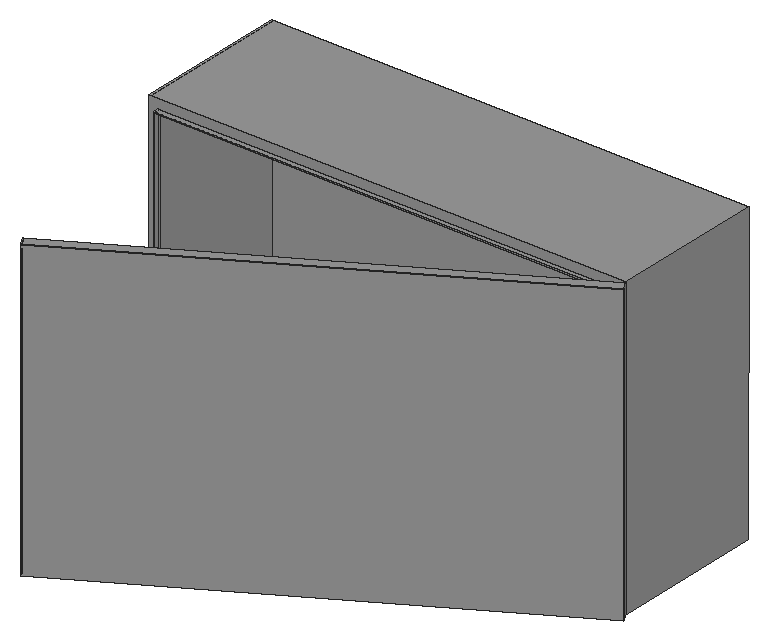
Revit family "Hager-Univers-IP55-D275-H500-Cl.II-Steel_encl-NoHosted-BE-en", category Equipement électrique, Revit 2020
Family settings
  Configuration du panneau = Deux colonnes, circuits au sein
  Cote de connecteur circulaire = Utiliser le diamètre
  Type d'élément = Tableau de raccordement
  Basée sur le plan de construction = Oui
  Toujours verticalement = Oui
  Couper avec des vides une fois chargée = Non
  Partagée = Non
  Point de calcul de pièce = Non
Parameters (values of type "Surface mounted (plaster) IP55 W800 H500 D275  - FR33S")
  Width Control [instance] = if([EF000008 - Width] > Min Width, [EF000008 - Width], Min Width)  # 800 mm
  Commentaires du type = [HG000003 - Range]  # "Univers"
  Thickness Door [instance] = if([EF009171 - Material plate thickness door/cover] > 3 mm, 3 mm, [EF009171 - Material plate thickness door/cover])  # 1.5 mm
  Seal Frame Offset [instance] = 17 mm  # constant formula
  Plinth Visibility [instance] = [HG000027 - Plinth height] > 0 mm  # no
  Min Width [instance] = 100 mm  # constant formula
  Min Depth [instance] = (2 * [EF009170 - Material plate thickness cabinet]) + 1 mm  # 4 mm
  Min Height [instance] = 100 mm  # constant formula
  Internal Frame Depth [instance] = (Door System Depth * 0.5)  # 9 mm
  Panel Name [instance] = ""  # (empty or 0)
  Model = ""
  HG000027 - Plinth height = 0 mm
  HG000026 - Floor standing = no
  HG000024 - Bottom section height = 600 mm
  HG000023 - Double section enclosure = no
  HG000016 - Door 3d visibility [instance] = yes
  HG000015 - Clearance visibility [instance] = no
  HG000014 - Door on the right [instance] = yes
  HG000013 - Door on the left [instance] = not([HG000014 - Door on the right])  # no
  HG000012 - Door swing angle [instance] = 30.00°
  HG000010 - Asymmetric doors = no
  HG000009 - Double swing door = no
  HG000006 - Flush mounted = no
  HG000004 - Manufacturer reference = "FR33S"
  HG000003 - Range = "Univers"
  HG000002 - With door or cover = yes
  Frame Offset Bottom [instance] = 10 mm  # constant formula
  Frame Offset [instance] = 15 mm  # constant formula
  EF015940 - Cover with overpressure release = no
  EF011959 - Degree of protection (NEMA) = ""
  EF009554 - Number of openings for flange plates = 6
  EF009212 - Cover model = "EV000116 - Closed"
  EF009171 - Material plate thickness door/cover = 1.5 mm
  EF009170 - Material plate thickness cabinet = 1.5 mm
  EF008873 - Nominal current (In) = 800 A
  EF007800 - Suitable for lightning protection = no
  EF006306 - With lock = no
  EF006244 - Transparent cover/door = no
  EF005474 - Degree of protection (IP) = "EV006420 - IP55"
  EF004464 - Type of door = "EV002646 - Single"
  EF004427 - Number of modules = 108
  EF004293 - Impact strength = "EV008784 - IK10"
  EF003532 - Suitable for outdoor use = no
  EF002950 - Width in number of modular spacings = 24
  EF001613 - Circuit integrity = "EV000494 - None"
  EF001596 - Material housing = "EV000179 - Steel"
  EF001131 - Internal depth = 275 mm
  EF001088 - Extension possible = yes
  EF000437 - Number of conduit inlets = 6
  EF000339 - Type of cover = "EV004216 - Door"
  EF000266 - Number of rows = 3
  EF000218 - Built-in depth = 0 mm
  EF000118 - With mounting plate = no
  EF000116 - RAL-number = "7035"
  EF000049 - Depth = 275 mm
  EF000040 - Height = 500 mm
  EF000008 - Width = 800 mm
  EF000007 - Colour = "EV000270 - Grey"
  EF000003 - Mounting method = "EV000384 - Surface mounted (plaster)"
  Door System Leaf Tolerance [instance] = 1.5 mm  # constant formula
  Door System Depth [instance] = 18 mm  # constant formula
  Door Height [instance] = Height Control - [HG000027 - Plinth height]  # 500 mm
  Description = ""
  Default Elevation = 1219.2 mm
  Connector Offset [instance] = Height Control / 2  # 250 mm
  Fabricant = "Hager"  # constant formula
  Height Control [instance] = if([EF000040 - Height] > Min Height, [EF000040 - Height], Min Height)  # 500 mm
  Depth Control [instance] = if([EF000049 - Depth] > Min Depth, [EF000049 - Depth], Min Depth)  # 275 mm
  Bottom Top Plate Trim [instance] = 1.5 mm  # constant formula
  Plinth height Ctrl [instance] = if([HG000027 - Plinth height] > 0 mm, [HG000027 - Plinth height], 12 mm)  # 12 mm
Types (5, lengths in mm): name | Width Control | HG000010 - Asymmetric doors | HG000009 - Double swing door | HG000004 - Manufacturer reference | EF009554 - Number of openings for flange plates | EF004464 - Type of door | EF004427 - Number of modules | EF000437 - Number of conduit inlets | EF000008 - Width
  Surface mounted (plaster) IP55 W1050 H500 D275  - FR34S | 1050 | no | yes | "FR34S" | 8 | "EV003602 - Double" | 144 | 8 | 1050
  Surface mounted (plaster) IP55 W1300 H500 D275  - FR35S | 1300 | yes | yes | "FR35S" | 10 | "EV003602 - Double" | 180 | 10 | 1300
  Surface mounted (plaster) IP55 W300 H500 D275  - FR31S | 300 | no | no | "FR31S" | 2 | "EV002646 - Single" | 36 | 2 | 300
  Surface mounted (plaster) IP55 W550 H500 D275  - FR32S | 550 | no | no | "FR32S" | 4 | "EV002646 - Single" | 72 | 4 | 550
  Surface mounted (plaster) IP55 W800 H500 D275  - FR33S | 800 | no | no | "FR33S" | 6 | "EV002646 - Single" | 108 | 6 | 800
Reference planes
  plane 1 "Center (Front/Back)": y = 0
  plane 2: z = 0
  plane 3 "Center (Left/Right)": x = 0
  plane 4: y = 0
  plane 5: y = 0
  plane 6: z = 0
  plane 7: x = -400
  plane 8: x = 400
  plane 9: x = 398.5
  plane 10: x = -398.5
  plane 11: z = 0
  plane 12: z = 1.5
  plane 13: y = -275
  plane 14: y = -1.5
  plane 15: x = 0
  plane 16: y = -257
  plane 17: y = -273.5
  plane 18: y = -255.5
  plane 19: x = -383.5
  plane 20: x = 383.5
  plane 21: z = 11.5
  plane 22: x = -383
  plane 23: x = 383
  plane 24: z = 0
  plane 25: z = 500
  plane 26: z = 500
  plane 27: z = 483.5
  plane 28: z = 498.5
Forms (mm)
  Extrusion 1, solid, material "Hager_Steel_RAL7035_Light_Grey", detail levels medium+fine
    sketch origin (-208.679, -4572, 0) x (-1, 0, 0) y (0, -1, 0)
      loop
        line (191.321, -4315) -> (-608.679, -4315) -> (-608.679, -4572) -> (191.321, -4572) -> (191.321, -4315)
    from 0 to 500
  Extrusion 2, void
    sketch origin (-350.771, -275, 1219.2) x (1, 0, 0) y (0, 0, 1)
      loop
        line (-47.729, -720.7) -> (-47.729, -1217.7) -> (749.271, -1217.7) -> (749.271, -720.7) -> (-47.729, -720.7)
    from -19.5 to -273.5
  Extrusion 3, void
    sketch origin (-290.084, -257, 1219.2) x (1, 0, 0) y (0, 0, 1)
      loop
        line (-93.416, -1207.7) -> (673.584, -1207.7) -> (673.584, -735.7) -> (-93.416, -735.7) -> (-93.416, -1207.7)
    from 0 to -1.5
  Extrusion 4, solid, material "Hager_Steel_RAL7035_Light_Grey", visible <- "Plinth Visibility", detail levels medium+fine
    sketch origin (0, 0, 0) x (1, 0, 0) y (0, 1, 0)
      loop
        line (-400, 0) -> (-400, -257) -> (400, -257) -> (400, 0) -> (-400, 0)
    from 0 to 12 <- "Plinth height Ctrl"
  Extrusion 5, solid, material "Hager_Steel_RAL7035_Light_Grey", detail levels coarse
    sketch origin (0, 0, 0) x (1, 0, 0) y (0, 1, 0)
      loop
        line (-400, 0) -> (-400, -275) -> (400, -275) -> (400, 0) -> (-400, 0)
    from 0 to 500 <- "Height Control"
  Sweep 6, void
    path in 3D
      loop
        line (-400, -257, 12) -> (400, -257, 12) -> (400, 0, 12) -> (-400, 0, 12) -> (-400, -257, 12)
    profile origin (-400, -128.5, 12) x (1, 0, 0) y (0, 0, 1)
      loop
        line (0, 0) -> (0, -1.5) -> (1.5, -1.5)
        arc (1.5, -1.5) -> (1.061, -0.439) -> (0, 0) r 1.5
  Extrusion 7, solid, material "Hager_Steel_RAL7035_Light_Grey", detail levels fine
    sketch origin (-400, -257, 0) x (1, 0, 0) y (0, 0, 1)
      loop
        line (16.5, 11.5) -> (783.5, 11.5) -> (783.5, 483.5) -> (16.5, 483.5) -> (16.5, 11.5)
      loop
        line (15, 10) -> (785, 10) -> (785, 485) -> (15, 485) -> (15, 10)
    from 0 to 9 <- "Internal Frame Depth"
Cuts and joins
  Extrusion 2, Extrusion 3 cuts Extrusion 1
  Sweep 6 cuts Extrusion 4
Lines and regions (mm)
  Masking region 1
    outline origin (0, 0, 0) x (1, 0, 0) y (0, 1, 0)
      loop
        line (-400, 0) -> (-400, -275) -> (400, -275) -> (400, 0) -> (-400, 0)
  Masking region 2, detail levels coarse
    outline origin (-290.084, -257, 1219.2) x (-1, 0, 0) y (0, 0, 1)
      loop
        line (-690.084, -1219.2) -> (109.916, -1219.2) -> (109.916, -719.2) -> (-690.084, -719.2) -> (-690.084, -1219.2)
  Masking region 3, detail levels coarse
    outline origin (0, 0, 0) x (0, 1, 0) y (0, 0, 1)
      loop
        line (0, 0) -> (0, 500) -> (-275, 500) -> (-275, 0) -> (0, 0)
  Masking region 4, visible <- "Plinth Visibility", detail levels medium+fine
    outline origin (0, 0, 0) x (0, 1, 0) y (0, 0, 1)
      loop
        line (-1.5, 12) -> (-255.5, 12)
        arc (-255.5, 12) -> (-255.939, 10.939) -> (-257, 10.5) r 1.5
        line (-257, 10.5) -> (-257, 0) -> (0, 0) -> (0, 10.5)
        arc (0, 10.5) -> (-1.061, 10.939) -> (-1.5, 12) r 1.5
  Masking region 5, detail levels medium+fine
    outline origin (0, 0, 594.038) x (0, 1, 0) y (0, 0, 1)
      loop
        line (0, -594.038) -> (0, -94.038) -> (-257, -94.038) -> (-257, -594.038) -> (0, -594.038)
  Masking region 6, detail levels medium+fine
    outline origin (-359.7, -257, 1211.883) x (-1, 0, 0) y (0, 0, 1)
      loop
        line (-759.7, -1211.883) -> (40.3, -1211.883) -> (40.3, -711.883) -> (-759.7, -711.883) -> (-759.7, -1211.883)
  Masking region 7, visible <- "Plinth Visibility", detail levels medium+fine
    outline origin (-320.334, -257, 1041.368) x (-1, 0, 0) y (0, 0, 1)
      loop
        line (-720.334, -1041.368) -> (79.666, -1041.368) -> (79.666, -1030.868)
        arc (79.666, -1030.868) -> (78.606, -1030.429) -> (78.166, -1029.368) r 1.5
        line (78.166, -1029.368) -> (-718.834, -1029.368)
        arc (-718.834, -1029.368) -> (-719.273, -1030.429) -> (-720.334, -1030.868) r 1.5
        line (-720.334, -1030.868) -> (-720.334, -1041.368)
  sketch lines
    curve 1: line (-400, 0, 12) -> (-400, -257, 12)
    curve 2: line (-400, -257, 12) -> (400, -257, 12)
    curve 3: line (400, 0, 12) -> (-400, 0, 12)
    curve 4: line (400, -257, 12) -> (400, 0, 12)
Dimensions and locks
  locked: plane 1 "Center (Front/Back)" to plane 5
  "EF009170 - Material plate thickness cabinet": plane 7 to plane 10
  "EF009170 - Material plate thickness cabinet": plane 8 to plane 9
  equal spacing: plane 7, plane 3 "Center (Left/Right)", plane 8
  "Width Control": plane 7 to plane 8
  "Depth Control": plane 4 to plane 13
  "EF009170 - Material plate thickness cabinet": plane 4 to plane 14
  "Height Control": plane 25 to level
  "HG000027 - Plinth height": plane 11 to level
  "EF009170 - Material plate thickness cabinet": plane 12 to plane 11
  "EF009170 - Material plate thickness cabinet": plane 17 to plane 13
  "EF009170 - Material plate thickness cabinet": plane 18 to plane 16
  "Frame Offset Bottom": plane 21 to plane 12
  "Frame Offset": plane 10 to plane 19
  "Frame Offset": plane 9 to plane 20
  "Door System Depth": plane 16 to plane 13
  "Seal Frame Offset": plane 7 to plane 22
  "Seal Frame Offset": plane 8 to plane 23
  "EF009170 - Material plate thickness cabinet": plane 26 to plane 28
  "Frame Offset": plane 28 to plane 27
  "Connector Offset": plane 2 to connector elem
  "Bottom Top Plate Trim": profile plane to Sweep 6 sketch curve
  "Bottom Top Plate Trim": Sweep 6 sketch curve to Sweep 6 sketch curve
  "Plinth height Ctrl": Masking region 4 sketch curve to level
  "Plinth height Ctrl": Masking region 7 sketch curve to level
  "Thickness Door": Extrusion 7 sketch curve to Extrusion 7 sketch curve  (x4)
  "Bottom Top Plate Trim": radius of Sweep 6 sketch curve
  "Bottom Top Plate Trim": radius of Masking region 4 sketch curve  (x2)
  "Bottom Top Plate Trim": radius of Masking region 7 sketch curve  (x2)
  aligned and locked: Extrusion 2 sketch curve to plane 12
  aligned and locked: Extrusion 2 sketch curve to plane 9
  aligned and locked: Extrusion 2 sketch curve to plane 10
  aligned and locked: Extrusion 2 to plane 14
  aligned and locked: Extrusion 1 sketch curve to plane 4
  aligned and locked: plane 8 to Extrusion 1 sketch curve
  aligned and locked: plane 7 to Extrusion 1 sketch curve
  aligned and locked: Extrusion 2 to plane 18
  aligned and locked: plane 19 to Extrusion 3 sketch curve
  aligned and locked: plane 20 to Extrusion 3 sketch curve
  aligned and locked: Extrusion 3 to Extrusion 2
  aligned and locked: Extrusion 3 sketch curve to plane 21
  aligned and locked: plane 3 "Center (Left/Right)" to nested 1
  aligned and locked: Extrusion 1 sketch curve to plane 16
  aligned and locked: Extrusion 4 sketch curve to cut or joined group of Extrusion 1, Extrusion 2, Extrusion 3
  aligned and locked: Masking region 1 sketch curve to plane 7
  aligned and locked: Masking region 1 sketch curve to plane 5
  aligned and locked: Masking region 1 sketch curve to plane 8
  aligned and locked: Masking region 2 sketch curve to level
  aligned and locked: level to Masking region 3 sketch curve
  aligned and locked: plane 1 "Center (Front/Back)" to Masking region 3 sketch curve
  aligned and locked: plane 13 to Masking region 3 sketch curve
  aligned and locked: plane 5 to Masking region 4 sketch curve
  aligned and locked: Masking region 2 sketch curve to plane 8
  aligned and locked: Masking region 2 sketch curve to plane 7
  aligned and locked: plane 7 to nested 2
  aligned and locked: nested 2 to plane 5
  aligned and locked: plane 5 to Masking region 5 sketch curve
  aligned and locked: plane 26 to Masking region 5 sketch curve
  aligned and locked: Extrusion 5 sketch curve to plane 8
  aligned and locked: Extrusion 5 sketch curve to plane 7
  aligned and locked: Extrusion 5 sketch curve to plane 5
  aligned and locked: Extrusion 3 sketch curve to plane 27
  aligned and locked: Extrusion 2 sketch curve to plane 28
  aligned and locked: Masking region 2 to plane 25
  aligned and locked: Extrusion 4 to plane 16
  aligned and locked: profile plane to Sweep 6 sketch curve
  aligned and locked: Masking region 5 sketch curve to plane 24
  aligned and locked: level to Masking region 4 sketch curve
  aligned and locked: Masking region 1 to plane 13
  aligned and locked: nested 1 to plane 16
  aligned and locked: Masking region 3 to plane 25
  aligned and locked: plane 16 to Masking region 4 sketch curve
  aligned and locked: Masking region 5 sketch curve to plane 16
  aligned and locked: plane 24 to plane 11
  aligned and locked: plane 26 to plane 25
  aligned and locked: plane 26 to cut or joined group of Extrusion 1, Extrusion 2, Extrusion 3
  aligned and locked: nested 1 to plane 24
  aligned and locked: Extrusion 1 to Extrusion 3
  aligned and locked: Masking region 6 sketch curve to plane 8
  aligned and locked: Masking region 6 sketch curve to plane 24
  aligned and locked: Masking region 6 sketch curve to plane 7
  aligned and locked: Masking region 6 sketch curve to plane 26
  aligned and locked: Masking region 7 sketch curve to plane 7
  aligned and locked: level to Masking region 7 sketch curve
  aligned and locked: Masking region 7 sketch curve to plane 8
  aligned and locked: Extrusion 7 sketch curve to cut or joined group of Extrusion 1, Extrusion 2, Extrusion 3  (x4)
Automatic sketch dimensions
  plane 19 to Extrusion 3 sketch curve = 0 mm
  Extrusion 3 sketch curve to plane 20 = 0 mm
  Extrusion 3 sketch curve to plane 21 = 0 mm
  Extrusion 4 sketch curve to plane 7 = 0 mm
  Extrusion 4 sketch curve to plane 8 = 0 mm
  Extrusion 4 sketch curve to plane 16 = 0 mm
  Masking region 1 sketch curve to plane 13 = 0 mm
  Masking region 2 sketch curve to plane 25 = 0 mm
  Masking region 3 sketch curve to plane 25 = 0 mm
  Extrusion 5 sketch curve to plane 13 = 0 mm
  profile plane to Sweep 6 sketch curve = 0 mm
Nested families
  nested 1: "EC000058_Univers_Door" at (0, -257, 0), Double <- "HG000009 - Double swing door", Transparent <- "EF006244 - Transparent cover/door", Angle <- "HG000012 - Door swing angle", Door_Right <- "HG000014 - Door on the right", Assymetrical <- "HG000010 - Asymmetric doors", Door <- "HG000002 - With door or cover", Width_Ctrl <- "Width Control", 3d_Door <- "HG000016 - Door 3d visibility", Clearance <- "HG000015 - Clearance visibility", Door_Left <- "HG000013 - Door on the left", Width <- "Width Control", Door_Depth <- "Door System Depth", Leaf_Tolerance <- "Door System Leaf Tolerance", Height <- "Door Height", Lock_Visibility <- "EF006306 - With lock", Thickness <- "Thickness Door", type "EC000058_Univers_Door", detail levels medium+fine
    with min_wh 4 mm, Width_Ctrl 800 mm, Width 800 mm, Transparent no, Thickness 1.5 mm, Seal_Material Hager_Rubber, Lock_Visibility no, Lock_Material Hager_Plastic_RAL9005_Jet_Black, Leaf_Width 800 mm, Leaf_Tolerance_External_Sides 0 mm, Leaf_Tolerance 1.5 mm, Leaf_Offset 0 mm, Leaf_Height 497 mm, Leaf_2_Width 800 mm, Leaf_2_Offset 400 mm, Leaf_1_Width 800 mm, Leaf_1_Offset 400 mm, Height_Ctrl 500 mm, Height 500 mm, Glass_Material Hager_Glass, Double_Clearance_Ctrl no, Double no, Door_Right_Ctrl yes, Door_Right yes, Door_Material Hager_Steel_RAL7035_Light_Grey, Door_Left_Ctrl no, Door_Left no, Door_Depth 18 mm, Door yes, Clearance_Material Hager_Clearance, Clearance_Depth 800 mm, Clearance_Ctrl no, Clearance no, Assymetrical no, Angle 30.00°, 3d_Door yes
  nested 2: "Hager_Enclosure_Symbol" at (-400, 0, 0), Height <- "Depth Control", Width <- "Width Control", type "Hager_Enclosure_Symbol"
    with Width_Ctrl 800 mm, Width 800 mm, Height_Ctrl 275 mm, Height 275 mm, A_Width_Int 18.047 mm, A_Width 216.562 mm, A_Height_Ctrl 240.625 mm, A_Height 240.625 mm
Connectors
  electrical at (0, 0, 250)
    settings: on plane 1 "Center (Front/Back)", index 1, voltage 0 V, apparent load 0 VA, apparent load phase1 0 VA, apparent load phase2 0 VA, apparent load phase3 0 VA, power factor 1, load classification "Other", number of poles 1, system type 30, power factor state 1, is connector primary yes, connector utility no, sub classification motor no, connector description ""
Definition of nested family "EC000058_Univers_Door"
  Parameters (values of type "EC000058_Univers_Door")
    min_wh [instance] = (2 * Thickness) + 1 mm  # 11 mm
    Width_Ctrl [instance] = 400 mm
    Width [instance] = 500 mm
    Transparent [instance] = yes
    Thickness [instance] = 5 mm
    Seal_Material [instance] = none
    Lock_Visibility [instance] = yes
    Lock_Material [instance] = none
    Leaf_Width [instance] = if((Width_Ctrl - 2 * Leaf_Tolerance_External_Sides) > 0 mm, (Width_Ctrl - 2 * Leaf_Tolerance_External_Sides), min_wh)  # 400 mm
    Leaf_Tolerance_External_Sides [instance] = 0 mm  # constant formula
    Leaf_Tolerance [instance] = 1.5 mm
    Leaf_Offset [instance] = 0 mm  # constant formula
    Leaf_Height [instance] = if((Height_Ctrl - 2 * Leaf_Tolerance) > 0 mm, (Height_Ctrl - 2 * Leaf_Tolerance), min_wh)  # 497 mm
    Leaf_2_Width [instance] = if(and(and(Double, Assymetrical), Door_Left), (Leaf_Width / 3) - (Leaf_Tolerance / 2), if(and(and(Double, Assymetrical), Door_Right), (Leaf_Width / 3) * 2 - (Leaf_Tolerance / 2), if(and(Double, not(Assymetrical)), (Leaf_Width / 2) - Leaf_Tolerance, Leaf_Width)))  # 400 mm
    Leaf_2_Offset [instance] = if(and(Double, Assymetrical), Leaf_2_Width / 2, if(and(Double, not(Assymetrical)), Leaf_Width / 4, Leaf_Width / 2))  # 200 mm
    Leaf_1_Width [instance] = if(and(and(Double, Assymetrical), Door_Right), (Leaf_Width / 3) - (Leaf_Tolerance / 2), if(and(and(Double, Assymetrical), Door_Left), (Width / 3) * 2 - (Leaf_Tolerance / 2), if(and(Double, not(Assymetrical)), (Leaf_Width / 2) - Leaf_Tolerance, Leaf_Width)))  # 400 mm
    Leaf_1_Offset [instance] = if(and(Double, Assymetrical), Leaf_1_Width / 2, if(and(Double, not(Assymetrical)), Leaf_Width / 4, Leaf_Width / 2))  # 200 mm
    Height_Ctrl [instance] = if(Height > min_wh, Height, min_wh)  # 500 mm
    Height [instance] = 500 mm
    Glass_Material [instance] = none
    Double_Clearance_Ctrl [instance] = and(Double, Clearance)  # no
    Double [instance] = no
    Door_Right_Ctrl [instance] = and(or(Door_Right, Double), Door)  # yes
    Door_Right [instance] = yes
    Door_Material [instance] = none
    Door_Left_Ctrl [instance] = and(or(Door_Left, Double), Door)  # no
    Door_Left [instance] = no
    Door_Depth [instance] = 30 mm
    Door [instance] = yes
    Default Elevation = 1219.2 mm
    Clearance_Material [instance] = none
    Clearance_Depth [instance] = if(Leaf_1_Width > Leaf_2_Width, Leaf_1_Width, Leaf_2_Width)  # 400 mm
    Clearance_Ctrl [instance] = and(not(Double), Clearance)  # yes
    Clearance [instance] = yes
    Assymetrical [instance] = yes
    Angle [instance] = 30.00°
    3d_Door [instance] = yes
  Reference planes
    plane 1 "Center (Front/Back)": y = 0
    plane 2 "Bottom": z = 0
    plane 3 "Center (Left/Right)": x = 0
    plane 4: z = 500
    plane 5: x = -200
    plane 6: x = 200
    plane 7: z = 500
    plane 8: x = -200
    plane 9: z = 0
    plane 10: x = 200
    plane 11: y = 0
    plane 12: z = 1.5
    plane 13: x = -600
    plane 14: y = -400
    plane 15: x = 600
    plane 16: x = 0
    plane 17: x = 0
    plane 18: x = -200
    plane 19: x = 200
    plane 20: z = 498.5
  Forms (mm)
    Extrusion 1, solid, material <- "Clearance_Material", visible <- "Double_Clearance_Ctrl"
      sketch origin (1200, 0, 0) x (1, 0, 0) y (0, 0, -1)
        loop
          line (-1800, -498.5) -> (-600, -498.5) -> (-600, 0) -> (-1800, 0) -> (-1800, -498.5)
      from 0 to -400
  Dimensions and locks
    equal spacing: plane 5, plane 3 "Center (Left/Right)", plane 6
    "Width_Ctrl": plane 5 to plane 6
    "Leaf_Offset": plane 5 to plane 8
    "Leaf_Offset": plane 6 to plane 10
    "Leaf_Offset": plane 9 to level
    "Leaf_Offset": plane 4 to plane 7
    "Height_Ctrl": plane 4 to level
    "Leaf_Tolerance": plane 12 to plane 9
    locked: plane 11 to plane 1 "Center (Front/Back)"
    "Leaf_1_Offset": plane 18 to plane 16
    "Leaf_2_Offset": plane 17 to plane 19
    "Leaf_1_Width": plane 13 to plane 8
    "Leaf_2_Width": plane 10 to plane 15
    "Clearance_Depth": plane 14 to plane 1 "Center (Front/Back)"
    "Leaf_Tolerance_External_Sides": plane 8 to plane 18
    "Leaf_Tolerance_External_Sides": plane 19 to plane 10
    "Leaf_Tolerance": plane 7 to plane 20
    aligned and locked: level to plane 2 "Bottom"
    aligned and locked: nested 1 to plane 16
    aligned and locked: nested 2 to plane 17
    aligned and locked: Extrusion 1 to plane 13
    aligned and locked: plane 15 to Extrusion 1
    aligned and locked: Extrusion 1 to plane 14
    aligned and locked: plane 12 to nested 1
    aligned and locked: nested 2 to plane 12
    aligned and locked: Extrusion 1 to plane 11
    aligned and locked: plane 20 to Extrusion 1
    aligned and locked: nested 2 to plane 11
    aligned and locked: nested 1 to plane 11
  Automatic sketch dimensions
    Extrusion 1 sketch curve to level = 0 mm
    plane 5 to Extrusion 1 sketch curve = 400 mm
    plane 6 to Extrusion 1 sketch curve = 400 mm
    Extrusion 1 sketch curve to plane 4 = 1.5 mm
  Nested families
    nested 1: "EC000058_Univers_Door_Leaf" at (0, 0, 1.5), Width <- "Leaf_1_Width", visible <- "Door_Left_Ctrl", Leaf_Height <- "Leaf_Height", Angle <- "Angle", 3d_Door <- "3d_Door", Transparent <- "Transparent", Clearance Material <- "Clearance_Material", Clearance <- "Clearance_Ctrl", Door_Material <- "Door_Material", Glass_Material <- "Glass_Material", Door_Depth <- "Door_Depth", Lock_Material <- "Lock_Material", Seal_Material <- "Seal_Material", Lock_Visibility <- "Lock_Visibility", Thickness <- "Thickness", type "EC000058_Univers_Door_Leaf"
      with Width 400 mm, Transparent_Glass_Offset 30 mm, Transparent_Ctrl yes, Transparent yes, Thickness 5 mm, Standard no, Seal_Material none, Seal_D2 8 mm, Seal_D1 1 mm, Offset_Internal_Frame 10 mm, Lock_Width 20 mm, Lock_Visibility_3d yes, Lock_Visibility yes, Lock_Thickness_3 3 mm, Lock_Thickness_2 1 mm, Lock_Thickness_1 3 mm, Lock_Radius_Offset_2 16 mm, Lock_Radius_Offset_1 15 mm, Lock_Radius_2 5 mm, Lock_Radius 6 mm, Lock_Offset 5 mm, Lock_Material none, Lock_Height 80 mm, Lock_Cover_Top_Offset_2d 17 mm, Lock_Cover_Height -65 mm, Leaf_Height 497 mm, Internal_Seal_Thickness 8 mm, Internal_Seal_Depth_2 4.5 mm, Internal_Frame_Depth 25 mm, Glass_Thickness -1 mm, Glass_Offset -2 mm, Glass_Material none, Door_Material none, Door_Depth 30 mm, Clearance Material none, Clearance yes, Angle_Ctrl 30.00°, Angle 30.00°, 3d_Door yes
    nested 2: "EC000058_Univers_Door_Leaf" at (0, 0, 1.5) x (-1, 0, 0) z (0, 0, 1), Width <- "Leaf_2_Width", visible <- "Door_Right_Ctrl", Leaf_Height <- "Leaf_Height", Angle <- "Angle", 3d_Door <- "3d_Door", Transparent <- "Transparent", Clearance Material <- "Clearance_Material", Clearance <- "Clearance_Ctrl", Door_Material <- "Door_Material", Glass_Material <- "Glass_Material", Door_Depth <- "Door_Depth", Lock_Material <- "Lock_Material", Seal_Material <- "Seal_Material", Lock_Visibility <- "Lock_Visibility", Thickness <- "Thickness", type "EC000058_Univers_Door_Leaf"
      with Width 400 mm, Transparent_Glass_Offset 30 mm, Transparent_Ctrl yes, Transparent yes, Thickness 5 mm, Standard no, Seal_Material none, Seal_D2 8 mm, Seal_D1 1 mm, Offset_Internal_Frame 10 mm, Lock_Width 20 mm, Lock_Visibility_3d yes, Lock_Visibility yes, Lock_Thickness_3 3 mm, Lock_Thickness_2 1 mm, Lock_Thickness_1 3 mm, Lock_Radius_Offset_2 16 mm, Lock_Radius_Offset_1 15 mm, Lock_Radius_2 5 mm, Lock_Radius 6 mm, Lock_Offset 5 mm, Lock_Material none, Lock_Height 80 mm, Lock_Cover_Top_Offset_2d 17 mm, Lock_Cover_Height -65 mm, Leaf_Height 497 mm, Internal_Seal_Thickness 8 mm, Internal_Seal_Depth_2 4.5 mm, Internal_Frame_Depth 25 mm, Glass_Thickness -1 mm, Glass_Offset -2 mm, Glass_Material none, Door_Material none, Door_Depth 30 mm, Clearance Material none, Clearance yes, Angle_Ctrl 30.00°, Angle 30.00°, 3d_Door yes
  Definition of nested family "EC000058_Univers_Door_Leaf"
    Parameters (values of type "EC000058_Univers_Door_Leaf")
      Width [instance] = 2000 mm
      Transparent_Glass_Offset [instance] = 30 mm
      Transparent_Ctrl [instance] = and(Transparent, [3d_Door])  # yes
      Transparent [instance] = yes
      Thickness [instance] = 5 mm
      Standard [instance] = and(not(Transparent), [3d_Door])  # no
      Seal_Material [instance] = none
      Seal_D2 [instance] = 8 mm  # constant formula
      Seal_D1 [instance] = 1 mm  # constant formula
      Offset_Internal_Frame [instance] = 10 mm  # constant formula
      Lock_Width [instance] = 20 mm  # constant formula
      Lock_Visibility_3d [instance] = and(Lock_Visibility, [3d_Door])  # yes
      Lock_Visibility [instance] = yes
      Lock_Thickness_3 [instance] = 3 mm  # constant formula
      Lock_Thickness_2 [instance] = 1 mm  # constant formula
      Lock_Thickness_1 [instance] = 3 mm  # constant formula
      Lock_Radius_Offset_2 [instance] = Lock_Radius_Offset_1 + 1 mm  # 16 mm
      Lock_Radius_Offset_1 [instance] = 15 mm  # constant formula
      Lock_Radius_2 [instance] = Lock_Radius - 1 mm  # 5 mm
      Lock_Radius [instance] = 6 mm  # constant formula
      Lock_Offset [instance] = 5 mm  # constant formula
      Lock_Material [instance] = none
      Lock_Height [instance] = 80 mm  # constant formula
      Lock_Cover_Top_Offset_2d [instance] = Lock_Radius_Offset_2 + 1 mm  # 17 mm
      Lock_Cover_Height [instance] = -(Lock_Height - Lock_Radius_Offset_1)  # -65 mm
      Leaf_Height [instance] = 2720.336 mm
      Internal_Seal_Thickness [instance] = 8 mm  # constant formula
      Internal_Seal_Depth_2 [instance] = 4.5 mm  # constant formula
      Internal_Frame_Depth [instance] = if(Door_Depth - Thickness > 5 mm, Door_Depth - Thickness, 5 mm)  # 25 mm
      Glass_Thickness [instance] = if(Thickness > 15 mm, Glass_Offset + 10 mm, -1 mm)  # -1 mm
      Glass_Offset [instance] = if(Thickness > 15 mm, -(Thickness + 10 mm) / 2, -2 mm)  # -2 mm
      Glass_Material [instance] = none
      Door_Material [instance] = none
      Door_Depth [instance] = 30 mm
      Default Elevation = 0 mm
      Clearance Material [instance] = none
      Clearance [instance] = yes
      Angle_Ctrl [instance] = if(Angle > 180.00°, 180.00°, Angle)  # 90.00°
      Angle [instance] = 90.00°
      3d_Door [instance] = yes
    Reference planes
      plane 1 "Center (Front/Back)": y = 0
      plane 2: z = 0
      plane 3 "Center (Left/Right)": x = 0
      plane 4: y = 2000
      plane 5: x = -1000
      plane 6: x = 1000
      plane 7: x = -3000
      plane 8: z = 2720.336
      plane 9: z = 30
      plane 10: z = 2690.336
      plane 11: x = 970
      plane 12: x = -970
      plane 13: y = -3
      plane 14: z = 107.833
      plane 15: y = -5
      plane 16: y = -223.314
      plane 17: x = -1000
      plane 18: z = 1360.168
      plane 19: y = 30
    Forms (mm)
      Extrusion 1, solid, material <- "Clearance Material", visible <- "Clearance"
        sketch origin (0, 0, 0) x (1, 0, 0) y (0, 0, 1)
          loop
            line (-3000, 2720.336) -> (-3000, 0) -> (1000, 0) -> (1000, 2720.336) -> (-3000, 2720.336)
        from 0 to -2000
      Extrusion 2, solid, material <- "Door_Material", visible <- "Standard", detail levels medium+fine
        sketch origin (-1000, 0, 0) x (0, 1, 0) y (-1, 0, 0)
          loop
            line (0, 30) -> (0, 25) -> (2000, 25) -> (2000, 30) -> (0, 30)
        from 0 to 2720.336 <- "Leaf_Height"
      Extrusion 3, solid, material <- "Door_Material", visible <- "Transparent_Ctrl", detail levels medium+fine
        sketch origin (-1000, 0, 0) x (0, 1, 0) y (-1, 0, 0)
          loop
            line (0, 25) -> (2000, 25) -> (2000, 30) -> (0, 30) -> (0, 25)
        from 0 to 2720.336 <- "Leaf_Height"
      Extrusion 4, void
        sketch origin (-1025, 2000, 0) x (0, 1, 0) y (0, 0, -1)
          loop
            line (-30, -2690.336) -> (-30, -30) -> (-1970, -30) -> (-1970, -2690.336) -> (-30, -2690.336)
        from 0 to 5 <- "Thickness"
      Sweep 5, solid, material <- "Seal_Material", visible <- "Transparent_Ctrl", detail levels fine
        path in 3D
          loop
            line (-1025, 30, 30) -> (-1025, 30, 2690.336) -> (-1025, 1970, 2690.336) -> (-1025, 1970, 30) -> (-1025, 30, 30)
        profile origin (-1025, 1000, 30) x (1, 0, 0) y (0, 0, 1)
          loop
            line (0, 0) -> (0, -8) -> (1, -8) -> (1, 0) -> (0, 0)
      Extrusion 6, solid, material <- "Glass_Material", visible <- "Transparent_Ctrl", detail levels medium+fine
        sketch origin (-1030, 0, 0) x (0, 1, 0) y (0, 0, -1)
          loop
            line (1970, -2690.336) -> (1970, -30) -> (30, -30) -> (30, -2690.336) -> (1970, -2690.336)
        from -2 <- "Glass_Offset" to -1 <- "Glass_Thickness"
      Extrusion 7, solid, material <- "Door_Material", visible <- "3d_Door", detail levels medium+fine
        sketch origin (-1025, 2000, 0) x (0, -1, 0) y (0, 0, -1)
          loop
            line (0, -2720.336) -> (2000, -2720.336) -> (2000, 0) -> (0, 0) -> (0, -2720.336)
          loop
            line (1995, -5) -> (5, -5) -> (5, -2715.336) -> (1995, -2715.336) -> (1995, -5)
        from 0 to 25 <- "Internal_Frame_Depth"
      Sweep 8, solid, material <- "Seal_Material", visible <- "Transparent_Ctrl", detail levels fine
        path in 3D
          loop
            line (-1025, 0, 0) -> (-1025, 2000, 0) -> (-1025, 2000, 2720.336) -> (-1025, 0, 2720.336) -> (-1025, 0, 0)
        profile origin (-1025, 0, 1360.168) x (1, 0, 0) y (0, 1, 0)
          loop
            line (0, 10) -> (2.975, 10)
            arc (2.975, 10) -> (4.053, 10.447) -> (4.5, 11.525) r 1.525
            line (4.5, 11.525) -> (4.5, 16.527)
            arc (4.5, 16.527) -> (4.069, 17.569) -> (3.027, 18) r 1.473
            line (3.027, 18) -> (0, 18) -> (0, 10)
      Extrusion 9, solid, material <- "Lock_Material", visible <- "Lock_Visibility_3d", detail levels fine
        sketch origin (-1030, 0, 0) x (0, 1, 0) y (0, 0, -1)
          loop
            arc (1993.5, -1400.168) -> (1994.561, -1399.729) -> (1995, -1398.668) r 1.5
            line (1995, -1398.668) -> (1995, -1320.168) -> (1975, -1320.168) -> (1975, -1398.668)
            arc (1975, -1398.668) -> (1975.439, -1399.729) -> (1976.5, -1400.168) r 1.5
            line (1976.5, -1400.168) -> (1993.5, -1400.168)
        from 3 <- "Lock_Thickness_1" to 0
      Blend 10, solid, material <- "Lock_Material", visible <- "Lock_Visibility_3d", detail levels fine
        base sketch origin (-1033, 0, 0) x (0, 1, 0) y (0, 0, -1)
          loop
            line (1975, -1320.168) -> (1975, -1398.668)
            arc (1975, -1398.668) -> (1975.439, -1399.729) -> (1976.5, -1400.168) r 1.5
            line (1976.5, -1400.168) -> (1993.5, -1400.168)
            arc (1993.5, -1400.168) -> (1994.561, -1399.729) -> (1995, -1398.668) r 1.5
            line (1995, -1398.668) -> (1995, -1320.168) -> (1975, -1320.168)
        top sketch origin (-1033, 0, 0) x (0, 1, 0) y (0, 0, -1)
          loop
            line (1976, -1320.168) -> (1976, -1398.668)
            arc (1976, -1398.668) -> (1976.146, -1399.022) -> (1976.5, -1399.168) r 0.5
            line (1976.5, -1399.168) -> (1993.5, -1399.168)
            arc (1993.5, -1399.168) -> (1993.854, -1399.022) -> (1994, -1398.668) r 0.5
            line (1994, -1398.668) -> (1994, -1320.168) -> (1976, -1320.168)
        from 0 to 1 <- "Lock_Thickness_2"
      Blend 11, solid, material <- "Lock_Material", visible <- "Lock_Visibility_3d", detail levels fine
        base sketch origin (-1034, 0, 0) x (0, 1, 0) y (0, 0, -1)
          loop
            line (1978, -1320.168) -> (1978, -1384.168)
            arc (1978, -1384.168) -> (1985, -1391.168) -> (1992, -1384.168) r 7
            line (1992, -1384.168) -> (1992, -1320.168) -> (1978, -1320.168)
        top sketch origin (-1034, 0, 0) x (0, 1, 0) y (0, 0, -1)
          loop
            line (1991, -1320.168) -> (1979, -1320.168) -> (1979, -1383.168)
            arc (1979, -1383.168) -> (1985, -1389.168) -> (1991, -1383.168) r 6
            line (1991, -1383.168) -> (1991, -1320.168)
        from 0 to 3 <- "Lock_Thickness_3"
      Extrusion 12, solid, material <- "Lock_Material", visible <- "Lock_Visibility_3d", detail levels fine
        sketch origin (-1030, 1975, 1320.168) x (1, 0, 0) y (0, -1, 0)
          loop
            line (-7, -19) -> (-7, -1) -> (0, -1) -> (0, 0) -> (-8, 0) -> (-8, -20) -> (0, -20) -> (0, -19) -> (-7, -19)
        from 0 to -65 <- "Lock_Cover_Height"
      Extrusion 13, void
        sketch origin (-1038, 1995, 1320.168) x (-1, 0, 0) y (0, 0, -1)
          loop
            line (-5, -65) -> (0, -65) -> (-5, -60) -> (-5, -65)
        from 0 to 20 <- "Lock_Width"
      Extrusion 14, void
        sketch origin (-1038, 1975, 1320.168) x (0, -1, 0) y (0, 0, -1)
          loop
            circle (-10, -15.995) r 6
          loop
            circle (-10, -15.995) r 5
        from 0 to 2
      Extrusion 15, solid, material <- "Lock_Material", visible <- "Lock_Visibility_3d", detail levels medium
        sketch origin (-1030, 0, 0) x (0, 1, 0) y (0, 0, -1)
          loop
            arc (1993.5, -1400.168) -> (1994.561, -1399.729) -> (1995, -1398.668) r 1.5
            line (1995, -1398.668) -> (1995, -1320.168) -> (1975, -1320.168) -> (1975, -1398.668)
            arc (1975, -1398.668) -> (1975.439, -1399.729) -> (1976.5, -1400.168) r 1.5
            line (1976.5, -1400.168) -> (1993.5, -1400.168)
        from 8 to 0
    Cuts and joins
      Extrusion 4 cuts Extrusion 3
      Extrusion 13, Extrusion 14 cuts Extrusion 9
      Extrusion 14 cuts Blend 11
      Extrusion 13, Extrusion 14 cuts Extrusion 12
      joined: Extrusion 9, Blend 10, Blend 11, Extrusion 12
      Extrusion 14 cuts Extrusion 15
    Lines and regions (mm)
      Masking region 1, visible <- "Lock_Visibility", detail levels fine
        outline origin (0, 0, 0) x (0, 1, 0) y (0, 0, 1)
          loop
            line (30, 1320.168) -> (33, 1320.168) -> (33, 1400.168) -> (30, 1400.168) -> (30, 1320.168)
      Masking region 2, visible <- "Lock_Visibility", detail levels fine
        outline origin (0, 3.143, 0) x (0, 1, 0) y (0, 0, 1)
          loop
            line (29.857, 1354.168) -> (30.857, 1354.168) -> (30.857, 1366.168) -> (29.857, 1366.168) -> (29.857, 1354.168)
      Masking region 3, detail levels medium+fine
        outline origin (0, 0, 0) x (0, 1, 0) y (0, 0, 1)
          loop
            line (0, 0) -> (30, 0) -> (30, 2720.336) -> (0, 2720.336) -> (0, 0)
      Masking region 4, detail levels medium+fine
        outline origin (0, 0, 0) x (1, 0, 0) y (0, 0, 1)
          loop
            line (-1000, 2720.336) -> (-1000, 0) -> (1000, 0) -> (1000, 2720.336) -> (-1000, 2720.336)
      Masking region 5, visible <- "Lock_Visibility", detail levels fine
        outline origin (-47.116, 0, 0) x (1, 0, 0) y (0, 0, 1)
          loop
            arc (1024.616, 1399.168) -> (1023.556, 1398.729) -> (1023.116, 1397.668) r 1.5
            line (1023.116, 1397.668) -> (1023.116, 1320.168) -> (1041.116, 1320.168) -> (1041.116, 1397.668)
            arc (1041.116, 1397.668) -> (1040.677, 1398.729) -> (1039.616, 1399.168) r 1.5
            line (1039.616, 1399.168) -> (1024.616, 1399.168)
      Masking region 6, visible <- "Lock_Visibility", detail levels medium+fine
        outline origin (-25, 0, 0) x (1, 0, 0) y (0, 0, 1)
          loop
            arc (1001.5, 1400.168) -> (1000.439, 1399.729) -> (1000, 1398.668) r 1.5
            line (1000, 1398.668) -> (1000, 1320.168) -> (1020, 1320.168) -> (1020, 1398.668)
            arc (1020, 1398.668) -> (1019.561, 1399.729) -> (1018.5, 1400.168) r 1.5
            line (1018.5, 1400.168) -> (1001.5, 1400.168)
      Masking region 7, visible <- "Lock_Visibility", detail levels fine
        outline origin (-73.735, 0, 0) x (1, 0, 0) y (0, 0, 1)
          loop
            line (1051.735, 1382.168) -> (1065.735, 1382.168) -> (1065.735, 1384.168)
            arc (1065.735, 1384.168) -> (1058.735, 1391.168) -> (1051.735, 1384.168) r 7
            line (1051.735, 1384.168) -> (1051.735, 1382.168)
      Masking region 8, visible <- "Lock_Visibility", detail levels fine
        outline origin (-73.735, 0, 0) x (1, 0, 0) y (0, 0, 1)
          loop
            line (1052.735, 1382.168) -> (1064.735, 1382.168) -> (1064.735, 1383.168)
            arc (1064.735, 1383.168) -> (1058.735, 1389.168) -> (1052.735, 1383.168) r 6
            line (1052.735, 1383.168) -> (1052.735, 1382.168)
      Masking region 9, visible <- "Lock_Visibility", detail levels fine
        outline origin (-25, 0, 0) x (1, 0, 0) y (0, 0, 1)
          loop
            line (1020, 1320.168) -> (1020, 1382.168) -> (1000, 1382.168) -> (1000, 1320.168) -> (1020, 1320.168)
      Masking region 10, detail levels medium+fine
        outline origin (0, 0, 0) x (1, 0, 0) y (0, 0, 1)
          loop
            circle (985, 1335.144) r 6
      Masking region 11, detail levels fine
        outline origin (0, 0, 0) x (1, 0, 0) y (0, 0, 1)
          loop
            circle (985, 1335.144) r 5
      Masking region 12, visible <- "Lock_Visibility", detail levels fine
        outline origin (0, 12.767, 0) x (0, 1, 0) y (0, 0, 1)
          loop
            line (20.233, 1320.168) -> (21.233, 1320.168) -> (21.233, 1399.168) -> (20.233, 1400.168) -> (20.233, 1320.168)
      Masking region 13, visible <- "Lock_Visibility", detail levels fine
        outline origin (0, 13.767, -10) x (0, 1, 0) y (0, 0, 1)
          loop
            line (20.233, 1330.168) -> (23.233, 1330.168) -> (23.233, 1399.168) -> (20.233, 1402.168) -> (20.233, 1330.168)
      Masking region 14, visible <- "Lock_Visibility", detail levels fine
        outline origin (0, 12.767, -10) x (0, 1, 0) y (0, 0, 1)
          loop
            line (20.233, 1330.168) -> (25.233, 1330.168) -> (25.233, 1399.305) -> (20.233, 1394.305) -> (20.233, 1330.168)
      Masking region 15, visible <- "Lock_Visibility", detail levels medium
        outline origin (0, 0, 0) x (0, 1, 0) y (0, 0, 1)
          loop
            line (30, 1320.168) -> (38, 1320.168) -> (38, 1400.168) -> (30, 1400.168) -> (30, 1320.168)
      Masking region 16, visible <- "Lock_Visibility", detail levels fine
        outline origin (-1000, 0, 0) x (0, 1, 0) y (-1, 0, 0)
          loop
            line (1975, 30) -> (1995, 30) -> (1995, 38) -> (1975, 38) -> (1975, 30)
          loop
            line (1979, 37) -> (1976, 37) -> (1976, 34) -> (1978, 34) -> (1979, 37)
          loop
            line (1994, 37) -> (1991, 37) -> (1992, 34) -> (1994, 34) -> (1994, 37)
      Masking region 17, visible <- "Lock_Visibility", detail levels medium
        outline origin (-1000, 0, 0) x (0, 1, 0) y (-1, 0, 0)
          loop
            line (1975, 30) -> (1995, 30) -> (1995, 38) -> (1975, 38) -> (1975, 30)
      symbolic lines
        curve 1: line (1000, 0, 0) -> (-3000, 0, 0)
        curve 2: arc (1000, 0, 0) -> (-1000, 2000, 0) -> (-3000, 0, 0) r 2000
        curve 4: line (-1030, 0, 0) -> (-1030, 2000, 0)
      reference lines
        curve 3: line (-1000, 0, 0) -> (-1000, 2000, 0)
      symbolic lines, detail levels medium+fine
        curve 5: line (-1030, 2000, 0) -> (-1025, 2000, 0)
        curve 7: line (-1025, 0, 0) -> (-1030, 0, 0)
        curve 8: line (-1025, 0, 0) -> (-1000, 0, 0)
        curve 9: line (-1000, 0, 0) -> (-1000, 2000, 0)
        curve 10: line (-1000, 2000, 0) -> (-1025, 2000, 0)
      symbolic lines, detail levels fine
        curve 6: line (-1025, 2000, 0) -> (-1025, 0, 0)
      sketch lines
        curve 11: line (-1025, 0, 2720.336) -> (-1025, 0, 0)
        curve 12: line (-1025, 2000, 0) -> (-1025, 0, 0)
        curve 13: line (-1025, 2000, 2720.336) -> (-1025, 2000, 0)
        curve 14: line (-1025, 0, 2720.336) -> (-1025, 2000, 2720.336)
        curve 15: line (-1025, 1970, 30) -> (-1025, 30, 30)
        curve 16: line (-1025, 30, 30) -> (-1025, 30, 2690.336)
        curve 17: line (-1025, 1970, 2690.336) -> (-1025, 1970, 30)
        curve 18: line (-1025, 30, 2690.336) -> (-1025, 1970, 2690.336)
      symbolic lines, visible <- "Transparent", detail levels medium+fine
        curve 19: line (-970, 0, 2690.336) -> (970, 0, 2690.336)
        curve 20: line (-970, 0, 30) -> (-970, 0, 2690.336)
        curve 21: line (970, 0, 30) -> (-970, 0, 30)
        curve 22: line (970, 0, 2690.336) -> (970, 0, 30)
    Dimensions and locks
      "Width": plane 1 "Center (Front/Back)" to plane 4
      equal spacing: plane 5, plane 3 "Center (Left/Right)", plane 6
      "Width": plane 5 to plane 6
      "Width": plane 7 to plane 5
      "Leaf_Height": plane 8 to level
      "Width": curve 5 to curve 3
      "Width": curve 3 to curve 3
      plane 8 to plane 10 = 30 mm
      plane 9 to level = 30 mm
      plane 12 to plane 5 = 30 mm
      plane 6 to plane 11 = 30 mm
      Extrusion 1 to Extrusion 4 sketch curve = 30 mm
      "Transparent_Glass_Offset": curve 3 to Extrusion 4 sketch curve
      "Transparent_Glass_Offset": Extrusion 4 sketch curve to cut or joined group of Extrusion 3, Extrusion 4  (x2)
      cut or joined group of Extrusion 3, Extrusion 4 to Extrusion 6 sketch curve = 30 mm
      "Transparent_Glass_Offset": cut or joined group of Extrusion 3, Extrusion 4 to Extrusion 4 sketch curve
      "Thickness": curve 6 to curve 4
      "Thickness": Extrusion 7 sketch curve to Extrusion 7 sketch curve  (x4)
      "Door_Depth": curve 4 to curve 3
      "Offset_Internal_Frame": profile plane to Sweep 8 sketch curve
      "Internal_Seal_Thickness": Sweep 8 sketch curve to Sweep 8 sketch curve
      "Internal_Seal_Depth_2": profile plane to Sweep 8 sketch curve
      "Seal_D1": profile plane to Sweep 5 sketch curve
      "Seal_D2": profile plane to Sweep 5 sketch curve
      "Thickness": Extrusion 2 sketch curve to Extrusion 2 sketch curve
      equal spacing: Extrusion 9 sketch curve, plane 18, Extrusion 9 sketch curve  (x2)
      equal spacing: Masking region 1 sketch curve, plane 18, Masking region 1 sketch curve
      "Lock_Height": Masking region 1 sketch curve to Masking region 1 sketch curve
      "Lock_Radius": Masking region 2 sketch curve to plane 18 to Masking region 2 sketch curve
      Masking region 2 sketch curve to Masking region 1 = 1 mm
      "Door_Depth": plane 19 to plane 1 "Center (Front/Back)"
      "Lock_Thickness_1": Masking region 1 sketch curve to plane 19
      "Lock_Width": Extrusion 9 sketch curve to Extrusion 9 sketch curve
      "Lock_Height": Extrusion 9 sketch curve to Extrusion 9 sketch curve
      "Lock_Offset": cut or joined group of Extrusion 3, Extrusion 4 to Extrusion 9 sketch curve
      equal spacing: plane 8, plane 18, level
      "Lock_Radius_Offset_1": Blend 11 sketch curve to Blend 10
      locked: Blend 10 to Blend 11 sketch curve at 2  (x2)
      locked: var sketch to Blend 11 sketch curve at 1  (x2)
      "Lock_Radius_Offset_2": Blend 11 sketch curve to Blend 10
      locked: Extrusion 12 sketch curve to Extrusion 12 sketch curve at 1  (x3)
      Masking region 6 sketch curve to Masking region 6 sketch curve = 80 mm
      "Lock_Height": Masking region 6 sketch curve to Masking region 6 sketch curve
      "Lock_Width": Masking region 6 sketch curve to Masking region 6 sketch curve
      locked: Masking region 6 to Masking region 5 sketch curve at 1  (x3)
      locked: Masking region 5 to Masking region 7 sketch curve at 2  (x2)
      "Lock_Radius_Offset_1": Masking region 5 to Masking region 7 sketch curve
      "Lock_Radius_Offset_2": Masking region 5 to Masking region 8 sketch curve
      locked: Masking region 7 to Masking region 8 sketch curve at 1  (x2)
      "Lock_Cover_Top_Offset_2d": Masking region 5 to Masking region 9 sketch curve
      equal spacing: Masking region 9, Masking region 10 sketch curve, Masking region 9
      equal spacing: Masking region 9, Masking region 11 sketch curve, Masking region 9
      Extrusion 15 sketch curve to Extrusion 15 sketch curve = 80 mm
      "Lock_Width": Extrusion 15 sketch curve to Extrusion 15 sketch curve
      "Lock_Height": Extrusion 15 sketch curve to Extrusion 15 sketch curve
      equal spacing: Extrusion 15 sketch curve, plane 18, Extrusion 15 sketch curve
      "Lock_Thickness_3": Masking region 13 sketch curve to Masking region 13 sketch curve
      "Lock_Height": Masking region 12 sketch curve to Masking region 12 sketch curve
      locked: Masking region 13 sketch curve to Masking region 1 at 8
      locked: Masking region 14 sketch curve to Masking region 13 at 1
      locked: Masking region 14 sketch curve to Masking region 1 at 10.863
      "Lock_Height": Masking region 15 sketch curve to Masking region 15 sketch curve
      "Lock_Offset": Extrusion 15 sketch curve to cut or joined group of Extrusion 3, Extrusion 4
      "Lock_Offset": plane 6 to Masking region 6 sketch curve
      radius of Sweep 8 sketch curve = 1.525 mm
      radius of Sweep 8 sketch curve = 1.473 mm
      radius of Extrusion 9 sketch curve = 1.5 mm  (x2)
      "Lock_Radius": radius of Extrusion 14 sketch curve
      "Lock_Radius_2": radius of Extrusion 14 sketch curve
      "Lock_Radius": radius of Masking region 10 sketch curve
      "Lock_Radius_2": radius of Masking region 11 sketch curve
      radius of Extrusion 15 sketch curve = 1.5 mm  (x2)
      "Angle_Ctrl": angle plane 1 "Center (Front/Back)" to curve 3
      locked: Masking region 12 sketch curve to Masking region 12 sketch curve (angle 45.00°)
      locked: Masking region 13 sketch curve to Masking region 13 sketch curve (angle 45.00°)
      locked: Masking region 14 sketch curve to Masking region 14 sketch curve (angle 45.00°)
      aligned and locked: level to plane 2
      aligned and locked: Extrusion 1 to curve 1
      aligned and locked: plane 6 to Extrusion 1
      aligned and locked: Extrusion 1 to plane 1 "Center (Front/Back)"
      aligned and locked: plane 4 to Extrusion 1
      aligned and locked: plane 8 to Extrusion 1
      aligned and locked: curve 7 to Extrusion 2 sketch curve
      aligned and locked: curve 5 to Extrusion 2 sketch curve
      aligned and locked: curve 7 to Extrusion 3 sketch curve
      aligned and locked: Extrusion 3 sketch curve to curve 4
      aligned and locked: Extrusion 3 sketch curve to curve 6
      aligned and locked: Extrusion 3 sketch curve to curve 5
      aligned and locked: curve 9 to curve 3
      aligned and locked: Extrusion 7 sketch curve to cut or joined group of Extrusion 3, Extrusion 4  (x4)
      aligned and locked: plane 17 to curve 3
      aligned and locked: plane 1 "Center (Front/Back)" to curve 3
      aligned and locked: plane 17 to plane 5
      aligned and locked: Sweep 8 sketch curve to profile plane
      aligned and locked: Sweep 5 sketch curve to profile plane  (x2)
      aligned and locked: Masking region 1 to Masking region 2 sketch curve
      aligned and locked: plane 19 to Masking region 1 sketch curve
      aligned and locked: plane 1 "Center (Front/Back)" to Masking region 3 sketch curve
      aligned and locked: plane 19 to Masking region 3 sketch curve
      aligned and locked: level to Masking region 3 sketch curve
      aligned and locked: Masking region 3 sketch curve to plane 8
      aligned and locked: plane 17 to Masking region 4 sketch curve
      aligned and locked: level to Masking region 4 sketch curve
      aligned and locked: Masking region 4 sketch curve to plane 8
      aligned and locked: plane 12 to curve 20
      aligned and locked: plane 10 to curve 19
      aligned and locked: plane 11 to curve 22
      aligned and locked: curve 21 to plane 9
      aligned and locked: Extrusion 2 sketch curve to cut or joined group of Extrusion 3, Extrusion 4
      aligned and locked: Blend 10 sketch curve to Extrusion 9  (x4)
      aligned and locked: Extrusion 9 to Blend 10 sketch curve
      aligned and locked: Blend 10 to Blend 11 sketch curve
      aligned and locked: Extrusion 12 sketch curve to Blend 11
      aligned and locked: Extrusion 12 sketch curve to Extrusion 9  (x4)
      aligned and locked: Masking region 5 sketch curve to Masking region 6
      aligned and locked: Masking region 9 sketch curve to Masking region 6  (x3)
      aligned and locked: Masking region 12 sketch curve to Masking region 1
      aligned and locked: Masking region 13 sketch curve to Masking region 1
      aligned and locked: Masking region 12 to Masking region 14
      aligned and locked: Masking region 14 sketch curve to Masking region 1
      aligned and locked: Masking region 15 sketch curve to Masking region 14
      aligned and locked: Masking region 13 sketch curve to Masking region 12
      aligned and locked: Masking region 16 sketch curve to cut or joined group of Extrusion 14, Extrusion 15  (x4)
      aligned and locked: Masking region 16 sketch curve to cut or joined group of Extrusion 9, Blend 10, Blend 11, Extrusion 12, Extrusion 13, Extrusion 14  (x6)
      aligned and locked: cut or joined group of Extrusion 9, Blend 10, Blend 11, Extrusion 12, Extrusion 13, Extrusion 14 to Masking region 16 sketch curve
      aligned and locked: Masking region 17 sketch curve to cut or joined group of Extrusion 14, Extrusion 15  (x3)
      aligned and locked: Masking region 17 sketch curve to cut or joined group of Extrusion 9, Blend 10, Blend 11, Extrusion 12, Extrusion 13, Extrusion 14
      aligned and locked: Masking region 9 to Masking region 8 sketch curve
      aligned and locked: Masking region 9 to Masking region 7 sketch curve
    Automatic sketch dimensions
      plane 1 "Center (Front/Back)" to curve 2 = 0 mm
      curve 2 to plane 5 = 0 mm
      Extrusion 1 sketch curve to level = 0 mm
      Extrusion 1 sketch curve to plane 7 = 0 mm
      Extrusion 1 sketch curve to plane 6 = 0 mm
      Extrusion 1 sketch curve to plane 8 = 0 mm
      Extrusion 3 to Extrusion 6 sketch curve = 30 mm  (x4)
      Masking region 4 sketch curve to plane 6 = 0 mm
      Blend 10 sketch curve to Extrusion 9 = 1.5 mm
      Blend 10 sketch curve to Extrusion 9 = 1 mm
      Extrusion 13 sketch curve to Extrusion 12 = 0 mm  (x2)
      Extrusion 12 to Extrusion 13 sketch curve = 3 mm
      Extrusion 13 sketch curve to Extrusion 12 = 5 mm
      Extrusion 14 sketch curve to Extrusion 14 sketch curve = 0 mm  (x2)
      Extrusion 14 sketch curve to Extrusion 12 = 10 mm
      Extrusion 14 sketch curve to Extrusion 12 = 15.995 mm
      Masking region 5 sketch curve to Masking region 5 sketch curve = 1.5 mm  (x2)
      Masking region 10 sketch curve to plane 18 = 25.024 mm
      Masking region 11 sketch curve to plane 18 = 25.024 mm
      plane 19 to Masking region 14 sketch curve = 3 mm
      Masking region 16 sketch curve to Masking region 16 sketch curve = 3 mm
      curve 4 to curve 3 = 0 mm
      Blend 10 to Blend 11 sketch curve = 0 mm
      Masking region 6 sketch curve to Masking region 6 sketch curve = 1.5 mm  (x2)
      Masking region 6 sketch curve to plane 18 = 40 mm
      plane 19 to Masking region 12 sketch curve = 3 mm
      Masking region 12 sketch curve to Masking region 12 sketch curve = 1 mm
      Masking region 15 sketch curve to plane 19 = 0 mm
      Masking region 15 sketch curve to plane 18 = 40 mm
      radius of Blend 10 sketch curve to Extrusion 9 = 1 mm
Definition of nested family "Hager_Enclosure_Symbol"
  Parameters (values of type "Hager_Enclosure_Symbol")
    Width_Ctrl [instance] = if(Width > 1 mm, Width, 1 mm)  # 102.27 mm
    Width [instance] = 102.27 mm
    Height_Ctrl [instance] = if(Height > 1 mm, Height, 1 mm)  # 66.5 mm
    A_Width_Int [instance] = if(A_Width / 12 > 2 mm, A_Width / 12, 2 mm)  # 4.364 mm
    A_Width [instance] = if(A_Height_Ctrl * 0.9 > 2 mm, A_Height_Ctrl * 0.9, 2 mm)  # 52.369 mm
    A_Height_Ctrl [instance] = if(A_Height > 2 mm, A_Height, 2 mm)  # 58.188 mm
    Height [instance] = 66.5 mm
    A_Height [instance] = Height - (Height / 8)  # 58.188 mm
  Reference planes
    plane 1 "Centre (avant/arrière)": y = 0
    plane 2: z = 0
    plane 3 "Centre (gauche/droite)": x = 0
    plane 4: x = 52.369
    plane 5: y = 33.042
    plane 6: y = 41.77
    plane 7: y = 66.5
    plane 8: x = 26.184
    plane 9: y = 37.406
    plane 10: x = 102.27
    plane 11: y = 66.5
    plane 12: y = 8.313
  Lines and regions (mm)
    Filled region 1, type "Solid_Black", in view "Niveau de réf."
      outline origin (0, 0, 0) x (1, 0, 0) y (0, 1, 0)
        loop
          line (52.369, 66.5) -> (33.188, 54.536) -> (45.365, 45.006) -> (52.369, 66.5)
    Filled region 2, type "Solid_Black", in view "Niveau de réf."
      outline origin (0, 0, 0) x (1, 0, 0) y (0, 1, 0)
        loop
          line (0, 0) -> (102.27, 0) -> (102.27, 66.5) -> (0, 0)
    detail lines, in view "Niveau de réf."
      curve 1: line (0, 8.313, 0) -> (26.184, 41.77, 0)
      curve 2: line (26.184, 41.77, 0) -> (26.184, 33.042, 0)
      curve 3: line (26.184, 33.042, 0) -> (52.369, 66.5, 0)
  Dimensions and locks
    "A_Width": plane 3 "Centre (gauche/droite)" to plane 4
    equal spacing: plane 3 "Centre (gauche/droite)", plane 8, plane 4
    equal spacing: plane 6, plane 9, plane 5
    equal spacing: curve 3, Filled region 1 sketch curve, Filled region 1 sketch curve
    "Height_Ctrl": plane 1 "Centre (avant/arrière)" to plane 11
    "A_Height_Ctrl": plane 11 to plane 12
    equal spacing: plane 11, plane 9, plane 12
    "A_Width_Int": plane 6 to plane 9
    "Width_Ctrl": plane 3 "Centre (gauche/droite)" to plane 10
    angle Filled region 1 sketch curve to curve 3 = 20.00°
    angle curve 3 to Filled region 1 sketch curve = 20.00°
    locked: curve 3 to Filled region 1 sketch curve (angle 90.00°)
    aligned and locked: plane 10 to Filled region 2
    aligned and locked: plane 11 to Filled region 2 sketch curve
    aligned and locked: plane 10 to Filled region 2 sketch curve
    aligned and locked: plane 3 "Centre (gauche/droite)" to curve 1
    aligned and locked: plane 12 to curve 1
    aligned and locked: plane 7 to plane 11
  Automatic sketch dimensions
    Filled region 1 sketch curve to plane 4 = 0 mm
    Filled region 1 sketch curve to plane 7 = 0 mm
    plane 1 "Centre (avant/arrière)" to Filled region 2 sketch curve = 0 mm
    Filled region 2 sketch curve to plane 3 "Centre (gauche/droite)" = 0 mm
    curve 2 to plane 6 = 0 mm
    curve 2 to plane 8 = 0 mm
    curve 3 to plane 4 = 0 mm
    curve 2 to plane 5 = 0 mm
    curve 3 to plane 7 = 0 mm
